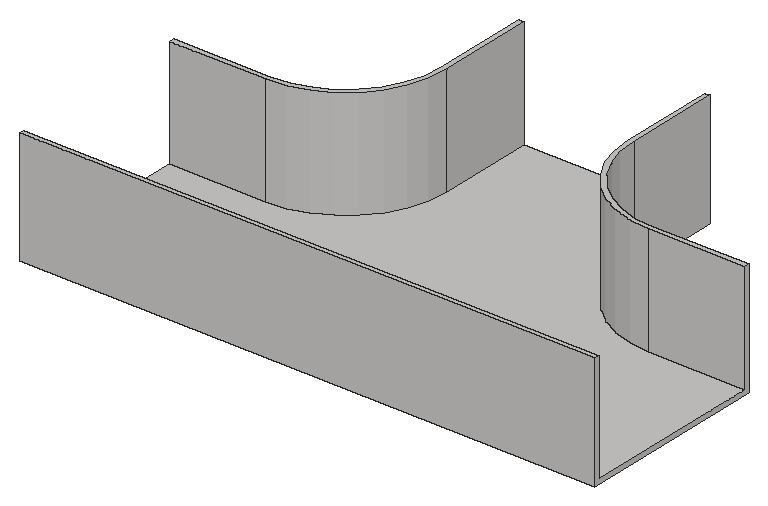
Revit family "S4R_OBO BETTERMANN_CableTray_Tee_RTM FT", category Cable Tray Fittings, Revit 2012
Parameters
  Wholesaler art.no. = ""
  Wholesaler = ""
  Watermarked By = "www.stabiplan.com"
  WIDTH3 [instance] = 100 mm
  WIDTH1 [instance] = 100 mm
  VERSION = "91900"  # constant formula
  URL = "www.stabiplan.com"
  built-in parameter 1140111 [instance] = 2.6 mm
  TYPE [instance] = "RTM FT"  # constant formula
  StabiCAD_PM = ""
  Smallest_L1_L2 [instance] = if(LENGTH1 - WIDTH3 / 2 > LENGTH2 - WIDTH3 / 2, LENGTH2 - WIDTH3 / 2, LENGTH1 - WIDTH3 / 2)  # 100 mm
  SmallestLength [instance] = if(LENGTH3 - WIDTH1 / 2 > Smallest_L1_L2, Smallest_L1_L2, LENGTH3 - WIDTH1 / 2)  # 100 mm
  RadiusWithThickness [instance] = Radius + [built-in parameter 1140111]  # 52.6 mm
  Radius [instance] = 50 mm  # constant formula
  PRODUCTLINE [instance] = "OBO BETTERMANN"  # constant formula
  Manufacturer = "OBO BETTERMANN CableTrays"  # constant formula
  LENGTH3 [instance] = if(and(WIDTH1 = 100 mm, HEIGHT1 = 60 mm, WIDTH3 = 100 mm, ANGLE2 = 90.00°), 150 mm, if(and(WIDTH1 = 150 mm, HEIGHT1 = 60 mm, WIDTH3 = 150 mm, ANGLE2 = 90.00°), 175 mm, if(and(WIDTH1 = 200 mm, HEIGHT1 = 60 mm, WIDTH3 = 200 mm, ANGLE2 = 90.00°), 200 mm, if(and(WIDTH1 = 300 mm, HEIGHT1 = 60 mm, WIDTH3 = 300 mm, ANGLE2 = 90.00°), 250 mm, if(and(WIDTH1 = 400 mm, HEIGHT1 = 60 mm, WIDTH3 = 400 mm, ANGLE2 = 90.00°), 300 mm, if(and(WIDTH1 = 500 mm, HEIGHT1 = 60 mm, WIDTH3 = 500 mm, ANGLE2 = 90.00°), 350 mm, if(and(WIDTH1 = 600 mm, HEIGHT1 = 60 mm, WIDTH3 = 600 mm, ANGLE2 = 90.00°), 400 mm, if(and(WIDTH1 = 100 mm, HEIGHT1 = 110 mm, WIDTH3 = 100 mm, ANGLE2 = 90.00°), 150 mm, if(and(WIDTH1 = 150 mm, HEIGHT1 = 110 mm, WIDTH3 = 150 mm, ANGLE2 = 90.00°), 175 mm, if(and(WIDTH1 = 200 mm, HEIGHT1 = 110 mm, WIDTH3 = 200 mm, ANGLE2 = 90.00°), 200 mm, if(and(WIDTH1 = 300 mm, HEIGHT1 = 110 mm, WIDTH3 = 300 mm, ANGLE2 = 90.00°), 250 mm, if(and(WIDTH1 = 400 mm, HEIGHT1 = 110 mm, WIDTH3 = 400 mm, ANGLE2 = 90.00°), 300 mm, if(and(WIDTH1 = 500 mm, HEIGHT1 = 110 mm, WIDTH3 = 500 mm, ANGLE2 = 90.00°), 350 mm, if(and(WIDTH1 = 600 mm, HEIGHT1 = 110 mm, WIDTH3 = 600 mm, ANGLE2 = 90.00°), 400 mm, if(and(WIDTH1 = 100 mm, HEIGHT1 = 85 mm, WIDTH3 = 100 mm, ANGLE2 = 90.00°), 150 mm, if(and(WIDTH1 = 150 mm, HEIGHT1 = 85 mm, WIDTH3 = 150 mm, ANGLE2 = 90.00°), 175 mm, if(and(WIDTH1 = 200 mm, HEIGHT1 = 85 mm, WIDTH3 = 200 mm, ANGLE2 = 90.00°), 200 mm, if(and(WIDTH1 = 300 mm, HEIGHT1 = 85 mm, WIDTH3 = 300 mm, ANGLE2 = 90.00°), 250 mm, if(and(WIDTH1 = 400 mm, HEIGHT1 = 85 mm, WIDTH3 = 400 mm, ANGLE2 = 90.00°), 300 mm, if(and(WIDTH1 = 500 mm, HEIGHT1 = 85 mm, WIDTH3 = 500 mm, ANGLE2 = 90.00°), 350 mm, if(and(WIDTH1 = 600 mm, HEIGHT1 = 85 mm, WIDTH3 = 600 mm, ANGLE2 = 90.00°), 400 mm, WIDTH3 * 1.5)))))))))))))))))))))  # 150 mm
  LENGTH2 [instance] = if(and(WIDTH1 = 100 mm, HEIGHT1 = 60 mm, WIDTH3 = 100 mm, ANGLE2 = 90.00°), 150 mm, if(and(WIDTH1 = 150 mm, HEIGHT1 = 60 mm, WIDTH3 = 150 mm, ANGLE2 = 90.00°), 175 mm, if(and(WIDTH1 = 200 mm, HEIGHT1 = 60 mm, WIDTH3 = 200 mm, ANGLE2 = 90.00°), 200 mm, if(and(WIDTH1 = 300 mm, HEIGHT1 = 60 mm, WIDTH3 = 300 mm, ANGLE2 = 90.00°), 250 mm, if(and(WIDTH1 = 400 mm, HEIGHT1 = 60 mm, WIDTH3 = 400 mm, ANGLE2 = 90.00°), 300 mm, if(and(WIDTH1 = 500 mm, HEIGHT1 = 60 mm, WIDTH3 = 500 mm, ANGLE2 = 90.00°), 350 mm, if(and(WIDTH1 = 600 mm, HEIGHT1 = 60 mm, WIDTH3 = 600 mm, ANGLE2 = 90.00°), 400 mm, if(and(WIDTH1 = 100 mm, HEIGHT1 = 110 mm, WIDTH3 = 100 mm, ANGLE2 = 90.00°), 150 mm, if(and(WIDTH1 = 150 mm, HEIGHT1 = 110 mm, WIDTH3 = 150 mm, ANGLE2 = 90.00°), 175 mm, if(and(WIDTH1 = 200 mm, HEIGHT1 = 110 mm, WIDTH3 = 200 mm, ANGLE2 = 90.00°), 200 mm, if(and(WIDTH1 = 300 mm, HEIGHT1 = 110 mm, WIDTH3 = 300 mm, ANGLE2 = 90.00°), 250 mm, if(and(WIDTH1 = 400 mm, HEIGHT1 = 110 mm, WIDTH3 = 400 mm, ANGLE2 = 90.00°), 300 mm, if(and(WIDTH1 = 500 mm, HEIGHT1 = 110 mm, WIDTH3 = 500 mm, ANGLE2 = 90.00°), 350 mm, if(and(WIDTH1 = 600 mm, HEIGHT1 = 110 mm, WIDTH3 = 600 mm, ANGLE2 = 90.00°), 400 mm, if(and(WIDTH1 = 100 mm, HEIGHT1 = 85 mm, WIDTH3 = 100 mm, ANGLE2 = 90.00°), 150 mm, if(and(WIDTH1 = 150 mm, HEIGHT1 = 85 mm, WIDTH3 = 150 mm, ANGLE2 = 90.00°), 175 mm, if(and(WIDTH1 = 200 mm, HEIGHT1 = 85 mm, WIDTH3 = 200 mm, ANGLE2 = 90.00°), 200 mm, if(and(WIDTH1 = 300 mm, HEIGHT1 = 85 mm, WIDTH3 = 300 mm, ANGLE2 = 90.00°), 250 mm, if(and(WIDTH1 = 400 mm, HEIGHT1 = 85 mm, WIDTH3 = 400 mm, ANGLE2 = 90.00°), 300 mm, if(and(WIDTH1 = 500 mm, HEIGHT1 = 85 mm, WIDTH3 = 500 mm, ANGLE2 = 90.00°), 350 mm, if(and(WIDTH1 = 600 mm, HEIGHT1 = 85 mm, WIDTH3 = 600 mm, ANGLE2 = 90.00°), 400 mm, WIDTH1 * 1.5)))))))))))))))))))))  # 150 mm
  LENGTH1 [instance] = if(and(WIDTH1 = 100 mm, HEIGHT1 = 60 mm, WIDTH3 = 100 mm, ANGLE2 = 90.00°), 150 mm, if(and(WIDTH1 = 150 mm, HEIGHT1 = 60 mm, WIDTH3 = 150 mm, ANGLE2 = 90.00°), 175 mm, if(and(WIDTH1 = 200 mm, HEIGHT1 = 60 mm, WIDTH3 = 200 mm, ANGLE2 = 90.00°), 200 mm, if(and(WIDTH1 = 300 mm, HEIGHT1 = 60 mm, WIDTH3 = 300 mm, ANGLE2 = 90.00°), 250 mm, if(and(WIDTH1 = 400 mm, HEIGHT1 = 60 mm, WIDTH3 = 400 mm, ANGLE2 = 90.00°), 300 mm, if(and(WIDTH1 = 500 mm, HEIGHT1 = 60 mm, WIDTH3 = 500 mm, ANGLE2 = 90.00°), 350 mm, if(and(WIDTH1 = 600 mm, HEIGHT1 = 60 mm, WIDTH3 = 600 mm, ANGLE2 = 90.00°), 400 mm, if(and(WIDTH1 = 100 mm, HEIGHT1 = 110 mm, WIDTH3 = 100 mm, ANGLE2 = 90.00°), 150 mm, if(and(WIDTH1 = 150 mm, HEIGHT1 = 110 mm, WIDTH3 = 150 mm, ANGLE2 = 90.00°), 175 mm, if(and(WIDTH1 = 200 mm, HEIGHT1 = 110 mm, WIDTH3 = 200 mm, ANGLE2 = 90.00°), 200 mm, if(and(WIDTH1 = 300 mm, HEIGHT1 = 110 mm, WIDTH3 = 300 mm, ANGLE2 = 90.00°), 250 mm, if(and(WIDTH1 = 400 mm, HEIGHT1 = 110 mm, WIDTH3 = 400 mm, ANGLE2 = 90.00°), 300 mm, if(and(WIDTH1 = 500 mm, HEIGHT1 = 110 mm, WIDTH3 = 500 mm, ANGLE2 = 90.00°), 350 mm, if(and(WIDTH1 = 600 mm, HEIGHT1 = 110 mm, WIDTH3 = 600 mm, ANGLE2 = 90.00°), 400 mm, if(and(WIDTH1 = 100 mm, HEIGHT1 = 85 mm, WIDTH3 = 100 mm, ANGLE2 = 90.00°), 150 mm, if(and(WIDTH1 = 150 mm, HEIGHT1 = 85 mm, WIDTH3 = 150 mm, ANGLE2 = 90.00°), 175 mm, if(and(WIDTH1 = 200 mm, HEIGHT1 = 85 mm, WIDTH3 = 200 mm, ANGLE2 = 90.00°), 200 mm, if(and(WIDTH1 = 300 mm, HEIGHT1 = 85 mm, WIDTH3 = 300 mm, ANGLE2 = 90.00°), 250 mm, if(and(WIDTH1 = 400 mm, HEIGHT1 = 85 mm, WIDTH3 = 400 mm, ANGLE2 = 90.00°), 300 mm, if(and(WIDTH1 = 500 mm, HEIGHT1 = 85 mm, WIDTH3 = 500 mm, ANGLE2 = 90.00°), 350 mm, if(and(WIDTH1 = 600 mm, HEIGHT1 = 85 mm, WIDTH3 = 600 mm, ANGLE2 = 90.00°), 400 mm, WIDTH1 * 1.5)))))))))))))))))))))  # 150 mm
  Internal art.no. = ""
  ISCUSTOM [instance] = if(and(WIDTH1 = 100 mm, HEIGHT1 = 60 mm, WIDTH3 = 100 mm, ANGLE2 = 90.00°), 1 = 0, if(and(WIDTH1 = 150 mm, HEIGHT1 = 60 mm, WIDTH3 = 150 mm, ANGLE2 = 90.00°), 1 = 0, if(and(WIDTH1 = 200 mm, HEIGHT1 = 60 mm, WIDTH3 = 200 mm, ANGLE2 = 90.00°), 1 = 0, if(and(WIDTH1 = 300 mm, HEIGHT1 = 60 mm, WIDTH3 = 300 mm, ANGLE2 = 90.00°), 1 = 0, if(and(WIDTH1 = 400 mm, HEIGHT1 = 60 mm, WIDTH3 = 400 mm, ANGLE2 = 90.00°), 1 = 0, if(and(WIDTH1 = 500 mm, HEIGHT1 = 60 mm, WIDTH3 = 500 mm, ANGLE2 = 90.00°), 1 = 0, if(and(WIDTH1 = 600 mm, HEIGHT1 = 60 mm, WIDTH3 = 600 mm, ANGLE2 = 90.00°), 1 = 0, if(and(WIDTH1 = 100 mm, HEIGHT1 = 110 mm, WIDTH3 = 100 mm, ANGLE2 = 90.00°), 1 = 0, if(and(WIDTH1 = 150 mm, HEIGHT1 = 110 mm, WIDTH3 = 150 mm, ANGLE2 = 90.00°), 1 = 0, if(and(WIDTH1 = 200 mm, HEIGHT1 = 110 mm, WIDTH3 = 200 mm, ANGLE2 = 90.00°), 1 = 0, if(and(WIDTH1 = 300 mm, HEIGHT1 = 110 mm, WIDTH3 = 300 mm, ANGLE2 = 90.00°), 1 = 0, if(and(WIDTH1 = 400 mm, HEIGHT1 = 110 mm, WIDTH3 = 400 mm, ANGLE2 = 90.00°), 1 = 0, if(and(WIDTH1 = 500 mm, HEIGHT1 = 110 mm, WIDTH3 = 500 mm, ANGLE2 = 90.00°), 1 = 0, if(and(WIDTH1 = 600 mm, HEIGHT1 = 110 mm, WIDTH3 = 600 mm, ANGLE2 = 90.00°), 1 = 0, if(and(WIDTH1 = 100 mm, HEIGHT1 = 85 mm, WIDTH3 = 100 mm, ANGLE2 = 90.00°), 1 = 0, if(and(WIDTH1 = 150 mm, HEIGHT1 = 85 mm, WIDTH3 = 150 mm, ANGLE2 = 90.00°), 1 = 0, if(and(WIDTH1 = 200 mm, HEIGHT1 = 85 mm, WIDTH3 = 200 mm, ANGLE2 = 90.00°), 1 = 0, if(and(WIDTH1 = 300 mm, HEIGHT1 = 85 mm, WIDTH3 = 300 mm, ANGLE2 = 90.00°), 1 = 0, if(and(WIDTH1 = 400 mm, HEIGHT1 = 85 mm, WIDTH3 = 400 mm, ANGLE2 = 90.00°), 1 = 0, if(and(WIDTH1 = 500 mm, HEIGHT1 = 85 mm, WIDTH3 = 500 mm, ANGLE2 = 90.00°), 1 = 0, if(and(WIDTH1 = 600 mm, HEIGHT1 = 85 mm, WIDTH3 = 600 mm, ANGLE2 = 90.00°), 1 = 0, 1 = 1)))))))))))))))))))))  # no
  IFCExportType = ""
  IFCExportAs = ""
  HEIGHT1 [instance] = 60 mm
  GTINNUMBER [instance] = if(and(WIDTH1 = 100 mm, HEIGHT1 = 60 mm, WIDTH3 = 100 mm, ANGLE2 = 90.00°), "4012195879121", if(and(WIDTH1 = 150 mm, HEIGHT1 = 60 mm, WIDTH3 = 150 mm, ANGLE2 = 90.00°), "4012195879169", if(and(WIDTH1 = 200 mm, HEIGHT1 = 60 mm, WIDTH3 = 200 mm, ANGLE2 = 90.00°), "4012195879176", if(and(WIDTH1 = 300 mm, HEIGHT1 = 60 mm, WIDTH3 = 300 mm, ANGLE2 = 90.00°), "4012195879183", if(and(WIDTH1 = 400 mm, HEIGHT1 = 60 mm, WIDTH3 = 400 mm, ANGLE2 = 90.00°), "4012195879220", if(and(WIDTH1 = 500 mm, HEIGHT1 = 60 mm, WIDTH3 = 500 mm, ANGLE2 = 90.00°), "4012195879237", if(and(WIDTH1 = 600 mm, HEIGHT1 = 60 mm, WIDTH3 = 600 mm, ANGLE2 = 90.00°), "4012195879244", if(and(WIDTH1 = 100 mm, HEIGHT1 = 110 mm, WIDTH3 = 100 mm, ANGLE2 = 90.00°), "4012195882428", if(and(WIDTH1 = 150 mm, HEIGHT1 = 110 mm, WIDTH3 = 150 mm, ANGLE2 = 90.00°), "4012195896135", if(and(WIDTH1 = 200 mm, HEIGHT1 = 110 mm, WIDTH3 = 200 mm, ANGLE2 = 90.00°), "4012195882466", if(and(WIDTH1 = 300 mm, HEIGHT1 = 110 mm, WIDTH3 = 300 mm, ANGLE2 = 90.00°), "4012195882473", if(and(WIDTH1 = 400 mm, HEIGHT1 = 110 mm, WIDTH3 = 400 mm, ANGLE2 = 90.00°), "4012195882480", if(and(WIDTH1 = 500 mm, HEIGHT1 = 110 mm, WIDTH3 = 500 mm, ANGLE2 = 90.00°), "4012195882527", if(and(WIDTH1 = 600 mm, HEIGHT1 = 110 mm, WIDTH3 = 600 mm, ANGLE2 = 90.00°), "4012195882534", if(and(WIDTH1 = 100 mm, HEIGHT1 = 85 mm, WIDTH3 = 100 mm, ANGLE2 = 90.00°), "4012195881414", if(and(WIDTH1 = 150 mm, HEIGHT1 = 85 mm, WIDTH3 = 150 mm, ANGLE2 = 90.00°), "4012195895930", if(and(WIDTH1 = 200 mm, HEIGHT1 = 85 mm, WIDTH3 = 200 mm, ANGLE2 = 90.00°), "4012195881421", if(and(WIDTH1 = 300 mm, HEIGHT1 = 85 mm, WIDTH3 = 300 mm, ANGLE2 = 90.00°), "4012195881438", if(and(WIDTH1 = 400 mm, HEIGHT1 = 85 mm, WIDTH3 = 400 mm, ANGLE2 = 90.00°), "4012195881445", if(and(WIDTH1 = 500 mm, HEIGHT1 = 85 mm, WIDTH3 = 500 mm, ANGLE2 = 90.00°), "4012195881452", if(and(WIDTH1 = 600 mm, HEIGHT1 = 85 mm, WIDTH3 = 600 mm, ANGLE2 = 90.00°), "4012195881469", "Unknown")))))))))))))))))))))  # "4012195879121"
  ETIM article class = ""
  Description = "Horizontal CableTray Tee"
  DEEPLINK = "http://catalog1.obo-bettermann.com/catalogue/catalogue.do?forward=showProductGroup&act=showIO&favOid=kts_399350&action=showManyProducts&lang=de&OID=kts_399350&catId="
  Copyright = "© Stabiplan BV / Stabiplan International BV"  # constant formula
  CT3 [instance] = 1
  CT2 [instance] = 1
  CT1 [instance] = 1
  BodyColor = Steel
  Assembly Code = ""
  ARTICLENUMBER [instance] = if(and(WIDTH1 = 100 mm, HEIGHT1 = 60 mm, WIDTH3 = 100 mm, ANGLE2 = 90.00°), "6041340", if(and(WIDTH1 = 150 mm, HEIGHT1 = 60 mm, WIDTH3 = 150 mm, ANGLE2 = 90.00°), "6041342", if(and(WIDTH1 = 200 mm, HEIGHT1 = 60 mm, WIDTH3 = 200 mm, ANGLE2 = 90.00°), "6041344", if(and(WIDTH1 = 300 mm, HEIGHT1 = 60 mm, WIDTH3 = 300 mm, ANGLE2 = 90.00°), "6041348", if(and(WIDTH1 = 400 mm, HEIGHT1 = 60 mm, WIDTH3 = 400 mm, ANGLE2 = 90.00°), "6041350", if(and(WIDTH1 = 500 mm, HEIGHT1 = 60 mm, WIDTH3 = 500 mm, ANGLE2 = 90.00°), "6041352", if(and(WIDTH1 = 600 mm, HEIGHT1 = 60 mm, WIDTH3 = 600 mm, ANGLE2 = 90.00°), "6041354", if(and(WIDTH1 = 100 mm, HEIGHT1 = 110 mm, WIDTH3 = 100 mm, ANGLE2 = 90.00°), "6042030", if(and(WIDTH1 = 150 mm, HEIGHT1 = 110 mm, WIDTH3 = 150 mm, ANGLE2 = 90.00°), "6042032", if(and(WIDTH1 = 200 mm, HEIGHT1 = 110 mm, WIDTH3 = 200 mm, ANGLE2 = 90.00°), "6042034", if(and(WIDTH1 = 300 mm, HEIGHT1 = 110 mm, WIDTH3 = 300 mm, ANGLE2 = 90.00°), "6042036", if(and(WIDTH1 = 400 mm, HEIGHT1 = 110 mm, WIDTH3 = 400 mm, ANGLE2 = 90.00°), "6042038", if(and(WIDTH1 = 500 mm, HEIGHT1 = 110 mm, WIDTH3 = 500 mm, ANGLE2 = 90.00°), "6042040", if(and(WIDTH1 = 600 mm, HEIGHT1 = 110 mm, WIDTH3 = 600 mm, ANGLE2 = 90.00°), "6042042", if(and(WIDTH1 = 100 mm, HEIGHT1 = 85 mm, WIDTH3 = 100 mm, ANGLE2 = 90.00°), "6041680", if(and(WIDTH1 = 150 mm, HEIGHT1 = 85 mm, WIDTH3 = 150 mm, ANGLE2 = 90.00°), "6041681", if(and(WIDTH1 = 200 mm, HEIGHT1 = 85 mm, WIDTH3 = 200 mm, ANGLE2 = 90.00°), "6041682", if(and(WIDTH1 = 300 mm, HEIGHT1 = 85 mm, WIDTH3 = 300 mm, ANGLE2 = 90.00°), "6041684", if(and(WIDTH1 = 400 mm, HEIGHT1 = 85 mm, WIDTH3 = 400 mm, ANGLE2 = 90.00°), "6041686", if(and(WIDTH1 = 500 mm, HEIGHT1 = 85 mm, WIDTH3 = 500 mm, ANGLE2 = 90.00°), "6041688", if(and(WIDTH1 = 600 mm, HEIGHT1 = 85 mm, WIDTH3 = 600 mm, ANGLE2 = 90.00°), "6041690", "Unknown")))))))))))))))))))))  # "6041340"
  ARTICLEDESCRIPTION [instance] = "Horizontal CableTray Tee"
  ANGLE2 [instance] = 90.00°  # constant formula
Reference planes
  plane 1 "Center (Front/Back)": y = 0
  plane 2: z = 0
  plane 3 "Center (Left/Right)": x = 0
  plane 4: y = 50
  plane 5: y = -50
  plane 6: z = 30
  plane 7: z = -30
  plane 8: x = -50
  plane 9: x = 50
  plane 10: x = -100
  plane 11: x = 100
  plane 12: y = -47.4
  plane 13: y = 47.4
  plane 14: x = -47.4
  plane 15: x = 47.4
  plane 16: x = -150
  plane 17: x = 150
  plane 18: z = -27.4
  plane 19: y = 100
  plane 20: y = 150
Forms (mm)
  Extrusion 1, solid, material "Steel" <- "BodyColor", detail levels fine
    sketch origin (0, 0, 0) x (1, 0, 0) y (0, 1, 0)
      loop
        line (-150, -47.4) -> (-150, -50) -> (150, -50) -> (150, -47.4) -> (-150, -47.4)
      loop
        line (-150, 47.4) -> (-100, 47.4)
        arc (-100, 47.4) -> (-62.806, 62.806) -> (-47.4, 100) r 52.6
        line (-47.4, 100) -> (-47.4, 150) -> (-50, 150) -> (-50, 100)
        arc (-50, 100) -> (-64.645, 64.645) -> (-100, 50) r 50
        line (-100, 50) -> (-150, 50) -> (-150, 47.4)
      loop
        line (150, 50) -> (100, 50)
        arc (100, 50) -> (64.645, 64.645) -> (50, 100) r 50
        line (50, 100) -> (50, 150) -> (47.4, 150) -> (47.4, 100)
        arc (47.4, 100) -> (62.806, 62.806) -> (100, 47.4) r 52.6
        line (100, 47.4) -> (150, 47.4) -> (150, 50)
    from -30 to 30
  Extrusion 2, solid, material "Steel" <- "BodyColor", detail levels fine
    sketch origin (0, 0, 0) x (1, 0, 0) y (0, 1, 0)
      loop
        line (-150, 50) -> (-150, -50) -> (150, -50) -> (150, 50) -> (100, 50)
        arc (100, 50) -> (64.645, 64.645) -> (50, 100) r 50
        line (50, 100) -> (50, 150) -> (-50, 150) -> (-50, 100)
        arc (-50, 100) -> (-64.645, 64.645) -> (-100, 50) r 50
        line (-100, 50) -> (-150, 50)
    from -30 to -27.4
  Extrusion 3, solid, material "Steel" <- "BodyColor", detail levels medium
    sketch origin (0, 0, 0) x (1, 0, 0) y (0, 1, 0)
      loop
        line (-150, 50) -> (-150, -50) -> (150, -50) -> (150, 50) -> (100, 50)
        arc (100, 50) -> (64.645, 64.645) -> (50, 100) r 50
        line (50, 100) -> (50, 150) -> (-50, 150) -> (-50, 100)
        arc (-50, 100) -> (-64.645, 64.645) -> (-100, 50) r 50
        line (-100, 50) -> (-150, 50)
    from -30 to 30
Cuts and joins
  joined: Extrusion 1, Extrusion 2
Lines and regions (mm)
  model lines, style "Coarse", detail levels coarse
    curve 1: line (-150, 0, 0) -> (150, 0, 0)
    curve 2: line (0, 0, 0) -> (0, 150, 0)
Dimensions and locks
  equal spacing: plane 4, plane 1 "Center (Front/Back)", plane 5
  "WIDTH1": plane 4 to plane 5
  equal spacing: plane 6, plane 2, plane 7
  "HEIGHT1": plane 6 to plane 7
  equal spacing: plane 8, plane 3 "Center (Left/Right)", plane 9
  "WIDTH3": plane 8 to plane 9
  "Radius": plane 9 to plane 11
  "built-in parameter 1140111": plane 12 to plane 5
  "built-in parameter 1140111": plane 4 to plane 13
  "built-in parameter 1140111": plane 8 to plane 14
  "built-in parameter 1140111": plane 15 to plane 9
  "built-in parameter 1140111": plane 18 to plane 7
  "LENGTH1": plane 16 to plane 3 "Center (Left/Right)"
  "LENGTH2": plane 3 "Center (Left/Right)" to plane 17
  "LENGTH3": plane 1 "Center (Front/Back)" to plane 20
  "Radius": plane 10 to plane 8
  "Radius": plane 19 to plane 4
  "Radius": radius of Extrusion 3 sketch curve  (x2)
  "Radius": radius of Extrusion 2 sketch curve  (x2)
  "Radius": radius of Extrusion 1 sketch curve  (x2)
  "RadiusWithThickness": radius of Extrusion 1 sketch curve  (x2)
  aligned and locked: Extrusion 1 sketch curve to plane 16
  aligned and locked: Extrusion 1 to plane 7
  aligned and locked: plane 6 to Extrusion 1
  aligned and locked: plane 5 to Extrusion 1 sketch curve
  aligned and locked: plane 12 to Extrusion 1 sketch curve
  aligned and locked: Extrusion 1 sketch curve to plane 17  (x2)
  aligned and locked: plane 16 to Extrusion 1 sketch curve
  aligned and locked: Extrusion 2 sketch curve to plane 16
  aligned and locked: plane 4 to Extrusion 2 sketch curve
  aligned and locked: plane 5 to Extrusion 2 sketch curve
  aligned and locked: plane 17 to Extrusion 2 sketch curve
  aligned and locked: Extrusion 2 to plane 7
  aligned and locked: plane 18 to Extrusion 2
  aligned and locked: plane 4 to Extrusion 3 sketch curve  (x2)
  aligned and locked: Extrusion 3 sketch curve to plane 16
  aligned and locked: plane 5 to Extrusion 3 sketch curve
  aligned and locked: Extrusion 3 sketch curve to plane 17
  aligned and locked: Extrusion 3 to plane 7
  aligned and locked: plane 6 to Extrusion 3
  aligned and locked: plane 17 to curve 1
  aligned and locked: plane 1 "Center (Front/Back)" to curve 1
  aligned and locked: plane 1 "Center (Front/Back)" to curve 2
  aligned and locked: curve 2 to plane 3 "Center (Left/Right)"
  aligned and locked: Extrusion 3 to curve 2
Automatic sketch dimensions
  curve 1 to plane 16 = 0 mm
  Extrusion 1 sketch curve to Extrusion 1 sketch curve = 0 mm  (x4)
  Extrusion 1 sketch curve to plane 10 = 0 mm
  Extrusion 1 sketch curve to plane 15 = 0 mm
  Extrusion 1 sketch curve to plane 13 = 0 mm  (x2)
  Extrusion 1 sketch curve to plane 20 = 0 mm  (x2)
  Extrusion 2 sketch curve to plane 4 = 0 mm
  Extrusion 2 sketch curve to plane 10 = 0 mm
  Extrusion 2 sketch curve to plane 9 = 0 mm
  Extrusion 2 sketch curve to plane 20 = 0 mm
  Extrusion 3 sketch curve to plane 10 = 0 mm
  Extrusion 3 sketch curve to plane 9 = 0 mm
  Extrusion 3 sketch curve to plane 20 = 0 mm
Connectors
  cabletrayconduit at (-150, 0, 0), driven by "HEIGHT1", driven by "WIDTH1"
    settings: on Extrusion 3, index 1, connector width 100 mm, connector height 60 mm, connector radius 304.8 mm, connector angle 0.00°, system type 32, placement type 0, profile type 1, connector reference index 2, is primary connector yes, connector utility param no, connector description ""
  cabletrayconduit at (150, 0, 0), driven by "HEIGHT1", driven by "WIDTH1"
    settings: on Extrusion 3, index 2, connector width 100 mm, connector height 60 mm, connector radius 304.8 mm, connector angle 0.00°, system type 32, placement type 0, profile type 1, connector reference index 1, is primary connector no, connector utility param no, connector description ""
  cabletrayconduit at (0, 150, 0), driven by "HEIGHT1", driven by "WIDTH3"
    settings: on Extrusion 3, index 3, connector width 100 mm, connector height 60 mm, connector radius 300 mm, connector angle 0.00°, system type 32, placement type 0, profile type 1, connector reference index -1, is primary connector no, connector utility param no, connector description ""
